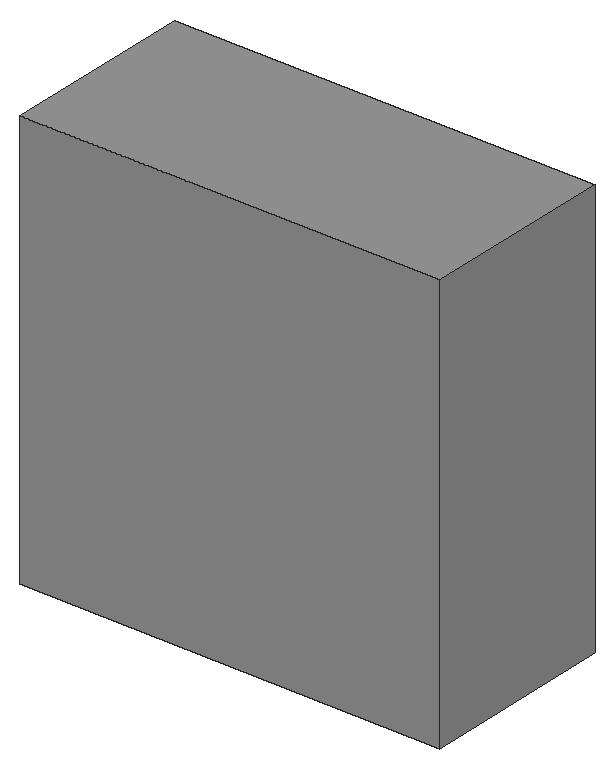
Revit family "BM_Signalgeber_V1700", category Brandmelder, Revit 2017
Family settings
  Beschriftungsausrichtung beibehalten = Nein
  Bemaßung runder Anschluss = Durchmesser verwenden
  Teiletyp = Normal
  OmniClass-Nummer = 23.80.00.00
  OmniClass-Titel = Electric Power and Lighting
  Arbeitsebenenbasiert = Nein
  Immer vertikal = Ja
  Beim Laden mit Abzugskörper schneiden = Ja
  Gemeinsam genutzt = Nein
  Raumberechnungspunkt = Nein
Parameters (values of type "Parallelanzeige")
  pbr_Material_KZ = ""
  pbr_Material = none
  pbr_E_Typ = ""
  pbr_E_KZ = ""
  pbr_DINBild = 0
  pbr_Bild = 0
  pbr_3Dx_Delta_Korrekturversatz [instance] = 0 mm
  pbr_3DX_Versatzfaktor [instance] = 0
  pbr_2DY_Versatzfaktor [instance] = 0
  pbr_2DX_Versatzfaktor [instance] = 0
  lfd_STRK [instance] = 0
  Zentrale [instance] = ""
  Winkel [instance] = 0.00°
  Typ [instance] = ""
  Tiefe = 37 mm
  Text3 [instance] = ""
  Text2 [instance] = ""
  Text1 [instance] = ""
  Spannung [instance] = 0
  Scheinleistung [instance] = 0 VA
  Polig [instance] = 1
  Planungsbüro Osnabrück = "www.pbr.de"
  Parallelanzeige = yes
  Netzart = ""
  Nennstrom [instance] = 0
  Menge (Dosenzahl) [instance] = 1
  Länge = Breite  # 80 mm
  Loop [instance] = ""
  Linie/Anschluss [instance] = ""
  Leuchtmelder blinkend = no
  Leistungsfaktor [instance] = 0
  Lastklassifizierung = none
  Installationsart = ""
  Info [instance] = ""
  Gewerk [instance] = "Brandmelder"
  Eckversatz [instance] = 0 mm
  YFrontversatz [instance] = if(pbr_2DY_Versatzfaktor = 300, 0 mm, pbr_2DY_Versatzfaktor * 300 mm)  # 0 mm
  XSeitenversatz [instance] = if(pbr_2DX_Versatzfaktor = 0, 3000 mm, 3000 mm + (pbr_2DX_Versatzfaktor * 300 mm)) + Eckversatz  # 3000 mm
  X3Dversatz [instance] = if([3DX_Versatzkontrolle] = 0, 2000 mm, 2000 mm + ([3DX_Versatzkontrolle] * (300 mm - Breite))) + pbr_3Dx_Delta_Korrekturversatz  # 2000 mm
  Niveau [instance] = 1200 mm
  Bus [instance] = ""
  Breite = 80 mm
  Betriebsstrom ruhe [instance] = 0
  Betriebsstrom max [instance] = 0
  Außensirene mit Blinker = no
  Alarmtongeber = no
  3DX_Versatzkontrolle [instance] = if(pbr_3DX_Versatzfaktor = 0, (pbr_2DX_Versatzfaktor * -1), (((-1 * pbr_3DX_Versatzfaktor) + pbr_2DX_Versatzfaktor) * -1))  # 0
Types (4, lengths in mm): name | Parallelanzeige | Leuchtmelder blinkend | Außensirene mit Blinker | Alarmtongeber
  Alarmtongeber | no | no | no | yes
  Leuchtmelder_blinkend | no | yes | no | no
  Parallelanzeige | yes | no | no | no
  Außensirene_Blinker | no | no | yes | no
Reference planes
  plane 1 "Mitte (Vorne/Hinten)": y = 0
  plane 2: z = 0
  plane 3 "Mitte (Links/Rechts)": x = 22.5
  plane 4: x = -127.5
  plane 5: x = 172.5
  plane 6: y = 300
  plane 7 "Schalterhinten": y = 0
  plane 8: x = -2977.5
  plane 9: x = 22.5
  plane 10: x = -1977.5
  plane 11: x = -17.5
  plane 12: x = 62.5
  plane 13: z = 1240
  plane 14: z = 1160
  plane 15 "SchalterVorne": y = 37
  plane 16 "3DMitte": x = 22.5
  plane 17 "Achse": z = 1200
  plane 18: z = 1197.5
  plane 19: z = 1202.5
  plane 20 "2DMitte": y = 150
Forms (mm)
  Extrusion 1, solid, material "Stahl, Edelstahl"
    sketch origin (0, 20, 0) x (0, 0, 1) y (-1, 0, 0)
      loop
        line (1160, 17.5) -> (1160, -62.5) -> (1240, -62.5) -> (1240, 17.5) -> (1160, 17.5)
    from -17 to 20
Lines and regions (mm)
  model lines, not visible
    curve 1: line (-127.5, 0, 0) -> (172.5, 0, 0)
    curve 2: line (-127.5, 300, 0) -> (-127.5, 0, 0)
    curve 3: line (172.5, 300, 0) -> (-127.5, 300, 0)
    curve 4: line (172.5, 0, 0) -> (172.5, 300, 0)
Dimensions and locks
  locked: plane 6 to plane 7 "Schalterhinten" at 300
  "XSeitenversatz": plane 8 to plane 9
  plane 8 to plane 3 "Mitte (Links/Rechts)" = 3000 mm
  "YFrontversatz": plane 1 "Mitte (Vorne/Hinten)" to plane 7 "Schalterhinten"
  "Breite": plane 12 to plane 11
  "Länge": plane 13 to plane 14
  plane 9 to plane 10 = 2000 mm
  equal spacing: plane 12, plane 16 "3DMitte", plane 11
  "X3Dversatz": plane 16 "3DMitte" to plane 10
  equal spacing: plane 13, plane 17 "Achse", plane 14
  "Niveau": plane 17 "Achse" to level
  "Tiefe": plane 15 "SchalterVorne" to plane 1 "Mitte (Vorne/Hinten)"
  plane 13 to plane 18 = 42.5 mm
  plane 19 to plane 14 = 42.5 mm
  equal spacing: plane 4, plane 9, plane 5, locked at 150 each
  locked: plane 4 to plane 5 at 300
  equal spacing: plane 6, plane 20 "2DMitte", plane 7 "Schalterhinten", locked at 150 each
  aligned and locked: level to plane 2
  aligned and locked: curve 1 to plane 7 "Schalterhinten"
  aligned and locked: curve 2 to plane 4
  aligned and locked: plane 6 to curve 3
  aligned and locked: plane 5 to curve 4
  aligned and locked: Extrusion 1 sketch curve to plane 14
  aligned and locked: Extrusion 1 sketch curve to plane 11
  aligned and locked: Extrusion 1 sketch curve to plane 13
  aligned and locked: plane 12 to Extrusion 1 sketch curve
  aligned and locked: plane 1 "Mitte (Vorne/Hinten)" to Extrusion 1
  aligned and locked: Extrusion 1 to plane 15 "SchalterVorne"
  aligned and locked: nested 1 to plane 9
  aligned and locked: nested 1 to plane 7 "Schalterhinten"
  aligned and locked: nested 2 to plane 9
  aligned and locked: nested 2 to plane 7 "Schalterhinten"
  aligned and locked: nested 3 to plane 9
  aligned and locked: nested 3 to plane 7 "Schalterhinten"
  aligned and locked: nested 4 to plane 9
  aligned and locked: nested 4 to plane 7 "Schalterhinten"
Nested families
  nested 1: "Alarmtongeber" at (22.5, 0, 0), visible <- "Alarmtongeber", type "Alarmtongeber"
  nested 2: "Außensirene mit Blinker" at (22.5, 0, 0), visible <- "Außensirene mit Blinker", type "Außensirene mit Blinker"
  nested 3: "Leuchtmelder blinkend" at (22.5, 0, 0), visible <- "Leuchtmelder blinkend", type "Leuchtmelder blinkend"
  nested 4: "Parallelanzeige" at (22.5, 0, 0), visible <- "Parallelanzeige", type "Parallelanzeige"
Connectors
  electrical at (22.5, 0, 1200)
    settings: on Extrusion 1, index 1, voltage 0 V, apparent load 0 VA, apparent load phase1 0 VA, apparent load phase2 0 VA, apparent load phase3 0 VA, power factor 1, load classification "Sonstige", number of poles 1, system type 11, power factor state 1, is connector primary yes, connector utility no, sub classification motor no, connector description ""
Definition of nested family "Alarmtongeber"
  Reference planes
    plane 1 "Mitte (Vorne/Hinten)": y = 0
    plane 2: z = 0
    plane 3 "Mitte (Links/Rechts)": x = 0
  Lines and regions (mm)
    detail lines, in view "Referenzebene"
      curve 1: line (-30.443, 160.633, 0) -> (77.42, 188.203, 0)
      curve 2: line (77.42, 188.203, 0) -> (132.605, 75.416, 0)
      curve 3: line (132.605, 75.416, 0) -> (-30.443, 107.999, 0)
      curve 4: line (-133.893, 204.066, 0) -> (-30.213, 204.066, 0)
      curve 5: line (-30.213, 204.066, 0) -> (-30.213, 65.826, 0)
      curve 6: line (-30.213, 65.826, 0) -> (-133.893, 65.826, 0)
      curve 7: line (-133.893, 65.826, 0) -> (-133.893, 204.066, 0)
      curve 8: line (-133.893, 0, 0) -> (-133.893, 269.891, 0)
      curve 9: line (-133.893, 269.891, 0) -> (136.12, 269.891, 0)
      curve 10: line (136.12, 269.891, 0) -> (136.12, 0, 0)
      curve 11: line (136.12, 0, 0) -> (-133.893, 0, 0)
Definition of nested family "Außensirene mit Blinker"
  Reference planes
    plane 1 "Mitte (Vorne/Hinten)": y = 0
    plane 2: z = 0
    plane 3 "Mitte (Links/Rechts)": x = 0
  Lines and regions (mm)
    detail lines, in view "Referenzebene"
      curve 1: circle (0.705, 99.487, 0) r 35.903 normal (0, 0, 1)
      curve 2: line (-38.116, 200, 0) -> (-113.116, 500, 0)
      curve 3: line (-113.116, 500, 0) -> (36.884, 438.659, 0)
      curve 4: line (36.884, 438.659, 0) -> (36.884, 200, 0)
      curve 5: line (95.967, 0, 0) -> (95.967, 200, 0)
      curve 6: line (95.967, 200, 0) -> (-104.033, 200, 0)
      curve 7: line (-104.033, 200, 0) -> (-104.033, 0, 0)
      curve 8: line (-104.033, 0, 0) -> (95.967, 0, 0)
      curve 9: line (-24.682, 74.1, 0) -> (26.092, 124.875, 0)
      curve 10: line (-24.682, 124.875, 0) -> (26.092, 74.1, 0)
Definition of nested family "Leuchtmelder blinkend"
  Reference planes
    plane 1 "Mitte (Vorne/Hinten)": y = 0
    plane 2: z = 0
    plane 3 "Mitte (Links/Rechts)": x = 0
  Lines and regions (mm)
    detail lines, in view "Referenzebene"
      curve 1: circle (-2.397, 247.041, 0) r 140 normal (0, 0, 1)
      curve 2: line (96.598, 2.444, 0) -> (37.246, 2.444, 0)
      curve 3: line (37.246, 2.444, 0) -> (37.246, 73.928, 0)
      curve 4: line (37.246, 73.928, 0) -> (-2.397, 73.928, 0)
      curve 5: line (-2.397, 73.928, 0) -> (-42.04, 73.928, 0)
      curve 6: line (-42.04, 73.928, 0) -> (-42.04, 2.444, 0)
      curve 7: line (-42.04, 2.444, 0) -> (-101.392, 2.444, 0)
      curve 8: line (-101.392, 148.046, 0) -> (96.598, 346.036, 0)
      curve 9: line (-101.392, 346.036, 0) -> (96.598, 148.046, 0)
Definition of nested family "Parallelanzeige"
  Reference planes
    plane 1 "Mitte (Vorne/Hinten)": y = 0
    plane 2: z = 0
    plane 3 "Mitte (Links/Rechts)": x = 0
  Lines and regions (mm)
    detail lines, in view "Referenzebene"
      curve 1: circle (1.207, 183.091, 0) r 77.2 normal (0, 0, 1)
      curve 2: line (-53.381, 237.68, 0) -> (55.796, 128.503, 0)
      curve 3: line (-53.381, 128.503, 0) -> (55.796, 237.68, 0)
      curve 4: line (1.207, 370.2, 0) -> (136.307, 100, 0)
      curve 5: line (136.307, 100, 0) -> (-133.893, 100, 0)
      curve 6: line (-133.893, 100, 0) -> (1.207, 370.2, 0)
      curve 7: line (1.207, 100, 0) -> (1.207, 0, 0)
